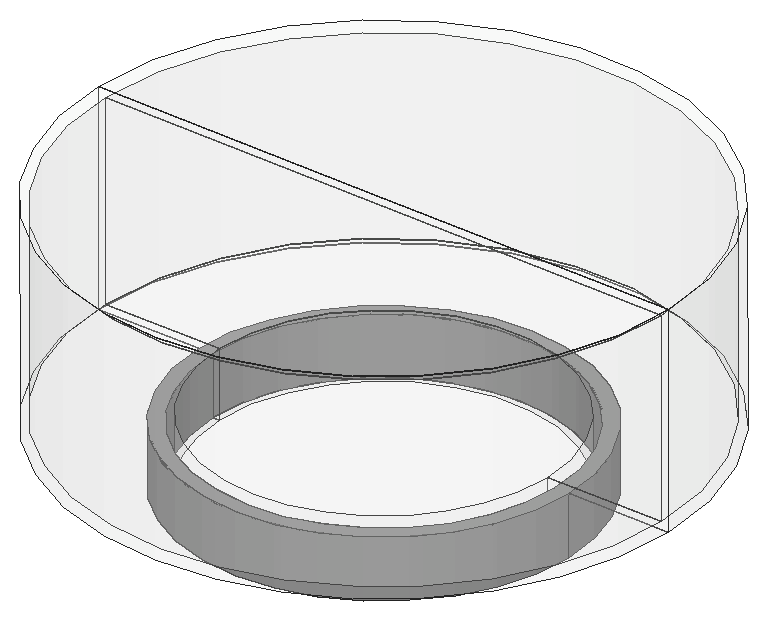
Revit family "M_Ceiling Light - Flat Round", category Lighting Fixtures, host Face, Revit 2017
Family settings
  Host = Face
  Round Connector Dimension = Use Diameter
  Part Type = Normal
  OmniClass Number = 23.80.70.11.11
  OmniClass Title = General Luminaries, Non Directional
  Cut with Voids When Loaded = No
  Light Source = Yes
  Shared = No
  Room Calculation Point = No
Parameters (values of type "100W - 120V")
  Wattage = 100 W
  built-in parameter 1150110 = 1 (stored number, unit not read)
  built-in parameter 1150109 = 1 (stored number, unit not read)
  built-in parameter 1150134 = 4
  built-in parameter 1150113 = 1 (stored number, unit not read)
  Tilt Angle = -90.00°
  built-in parameter 1150115 = 1 (stored number, unit not read)
  built-in parameter 1150105 = 139.26 (stored number, unit not read)
  Load Classification = Lighting - Dwelling Unit
  built-in parameter 1150137 = 1
  built-in parameter 1150139 = (empty or 0)
  Light Box Material = Steel, Paint Finish, Dark Gray, Matte
  built-in parameter 1150112 = 1 (stored number, unit not read)
  built-in parameter 1150114 = 1 (stored number, unit not read)
  built-in parameter 1150132 = (empty or 0)
  built-in parameter 1150102 = (empty or 0)
  built-in parameter 1150138 = (empty or 0)
  built-in parameter 1150107 = 2800 (stored number, unit not read)
  built-in parameter 1150106 = 1.3926 (stored number, unit not read)
  Emit from Circle Diameter = 254 mm
  Emit Shape Visible in Rendering = no
  built-in parameter 1150104 = 1.6258 (stored number, unit not read)
  Dimming Lamp Color Temperature Shift = <None>
  Diffuser Material = Glass, White, High Luminance
  Lumens = 1750 lm
  built-in parameter 1114217 = 1 (stored number, unit not read)
  Lamp = "A-19"
  Photometric Web File = "CLFR1A21.ies"
  Default Elevation = 1200 mm
  Color Filter = 16777215
  built-in parameter 1140040 [instance] = 1
  Ballast Voltage = 120 V
  Ballast Number of Poles = 1
  built-in parameter 1114218 = 1 (stored number, unit not read)
  built-in parameter 1150133 = 10 (stored number, unit not read)
  Assembly Code = "D5020220"
  Apparent Load = 100 VA
Types (4, lengths in mm): name | Wattage | built-in parameter 1150105 | built-in parameter 1150106 | built-in parameter 1150104 | Lumens | Lamp | Photometric Web File | Ballast Voltage | Apparent Load
  60W - 120V | 60 W | 68.039 (stored number, unit not read) | 0.68039 (stored number, unit not read) | 1.3239 (stored number, unit not read) | 855 lm | "A-19" | "CLFR1A19.ies" | 120 V | 60 VA
  60W - 277V | 60 W | 68.039 (stored number, unit not read) | 0.68039 (stored number, unit not read) | 1.3239 (stored number, unit not read) | 855 lm | "A-19" | "CLFR1A19.ies" | 277 V | 60 VA
  100W - 120V | 100 W | 139.26 (stored number, unit not read) | 1.3926 (stored number, unit not read) | 1.6258 (stored number, unit not read) | 1750 lm | "A-19" | "CLFR1A21.ies" | 120 V | 100 VA
  100W - 277V | 100 W | 139.26 (stored number, unit not read) | 1.3926 (stored number, unit not read) | 1.6258 (stored number, unit not read) | 1750 lm | "A-21" | "CLFR1A21.ies" | 277 V | 100 VA
Reference planes
  plane 1 "Center (Front/Back)": y = 0
  plane 2: z = 0
  plane 3 "Center (Left/Right)": x = 0
  plane 4: z = 25.4
  plane 5: z = 114.3
  plane 6: x = -127
  plane 7: x = -123.825
  plane 8: z = 111.125
  plane 9: x = -76.2
  plane 10: x = -73.025
  plane 11: z = 28.575
Forms (mm)
  Revolve 1, solid, material "Glass, White, High Luminance" <- "Diffuser Material"
    sketch origin (0, 0, 0) x (1, 0, 0) y (0, 0, 1)
      loop
        line (0, 114.3) -> (-127, 114.3) -> (-127, 25.4) -> (-76.2, 25.4) -> (-76.2, 0) -> (-73.025, 0) -> (-73.025, 28.575) -> (-123.825, 28.575) -> (-123.825, 111.125) -> (0, 111.125) -> (0, 114.3)
      axis (0, 114.3) -> (0, 0)
    angle from 0 to 360
  Extrusion 2, solid, material "Steel, Paint Finish, Dark Gray, Matte" <- "Light Box Material"
    sketch origin (0, 0, 0) x (1, 0, 0) y (0, 1, 0)
      loop
        circle (0, 0) r 82.55
      loop
        circle (0, 0) r 76.2
    from 0 to 25.4
Dimensions and locks
  locked: plane 4 to plane 2 at 25.4
  locked: plane 5 to plane 4 at 88.9
  locked: plane 3 "Center (Left/Right)" to plane 6 at 127
  locked: plane 7 to plane 6 at 3.175
  locked: plane 3 "Center (Left/Right)" to plane 9 at 76.2
  locked: plane 10 to plane 9 at 3.175
  locked: plane 5 to plane 8 at 3.175
  locked: plane 11 to plane 4 at 3.175
  radius of Extrusion 2 sketch curve = 76.2 mm
  radius of Extrusion 2 sketch curve = 82.55 mm
  aligned and locked: plane 2 to host face
  aligned and locked: level to host face
  aligned and locked: plane 3 "Center (Left/Right)" to imposter light
  aligned and locked: plane 1 "Center (Front/Back)" to imposter light
  aligned and locked: plane 1 "Center (Front/Back)" to Extrusion 2 sketch curve  (x2)
  aligned and locked: plane 3 "Center (Left/Right)" to Extrusion 2 sketch curve  (x2)
  aligned and locked: plane 4 to Extrusion 2
  aligned and locked: Extrusion 2 to plane 2
  aligned and locked: Revolve 1 to plane 5
  aligned and locked: Revolve 1 to plane 2
  aligned and locked: plane 4 to imposter light
Connectors
  electrical at (0, 0, 114.3), driven by "Ballast Voltage", driven by "Ballast Number of Poles", driven by "Apparent Load", driven by "Load Classification"
    settings: on Revolve 1, index 1, voltage 120 V, apparent load 0 VA, apparent load phase1 100 VA, apparent load phase2 0 VA, apparent load phase3 0 VA, power factor 0.95, load classification "Lighting - Dwelling Unit", number of poles 1, system type 31, power factor state 1, is connector primary yes, connector utility no, sub classification motor no, connector description ""
